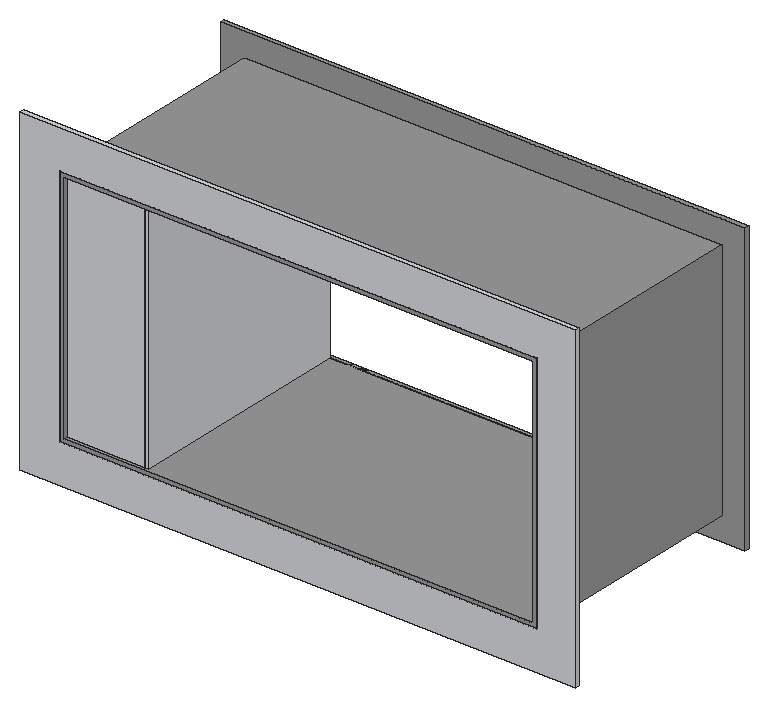
Revit family "Стеновой прямоугольный SVK1-НО-ЕI60-W-MS220-0-Kb 24.02.26", category Арматура воздуховодов, Revit 2022 (continued)
Types (149, lengths in mm): name | Ширина | Число створок | Скорость воздуха в живом сечении | Скорость в канале | З/2 | Высота | Hed | ADSK_Расход воздуха | ADSK_Наименование краткое | ADSK_Наименование
  SVK1-НО-ЕI60-W-1000x650-GI-H-MSR220-0-Kb | 1000 | 1 | 1950.0 m/s | 3.0 m/s | 325 | 650 | 1123 | 7020.0 m³/h | "SVK1-НО-ЕI60-W-1000x650" | "SVK1-НО-ЕI60-W-1000x650-GI-H-MSR220-0-Kb"
  SVK1-НО-ЕI60-W-1000x700-GI-H-MSR220-0-Kb | 1000 | 1 | 2100.0 m/s | 3.0 m/s | 350 | 700 | 1123 | 7560.0 m³/h | "SVK1-НО-ЕI60-W-1000x700" | "SVK1-НО-ЕI60-W-1000x700-GI-H-MSR220-0-Kb"
  SVK1-НО-ЕI60-W-1000x750-GI-H-MSR220-0-Kb | 1000 | 1 | 2250.0 m/s | 3.0 m/s | 375 | 750 | 1123 | 8100.0 m³/h | "SVK1-НО-ЕI60-W-1000x750" | "SVK1-НО-ЕI60-W-1000x750-GI-H-MSR220-0-Kb"
  SVK1-НО-ЕI60-W-800x1000-GI-H-MSR220-0-Kb | 800 | 2 | 2400.0 m/s | 3.0 m/s | 250 | 1000 | 923 | 8640.0 m³/h | "SVK1-НО-ЕI60-W-800x1000" | "SVK1-НО-ЕI60-W-800x1000-GI-H-MSR220-0-Kb"
  SVK1-НО-ЕI60-W-850x1000-GI-H-MSR220-0-Kb | 850 | 2 | 2550.0 m/s | 3.0 m/s | 250 | 1000 | 973 | 9180.0 m³/h | "SVK1-НО-ЕI60-W-850x1000" | "SVK1-НО-ЕI60-W-850x1000-GI-H-MSR220-0-Kb"
  SVK1-НО-ЕI60-W-900x1000-GI-H-MSR220-0-Kb | 900 | 2 | 2700.0 m/s | 3.0 m/s | 250 | 1000 | 1023 | 9720.0 m³/h | "SVK1-НО-ЕI60-W-900x1000" | "SVK1-НО-ЕI60-W-900x1000-GI-H-MSR220-0-Kb"
  SVK1-НО-ЕI60-W-950x1000-GI-H-MSR220-0-Kb | 950 | 2 | 2850.0 m/s | 3.0 m/s | 250 | 1000 | 1073 | 10260.0 m³/h | "SVK1-НО-ЕI60-W-950x1000" | "SVK1-НО-ЕI60-W-950x1000-GI-H-MSR220-0-Kb"
  SVK1-НО-ЕI60-W-1000x1000-GI-H-MSR220-0-Kb | 1000 | 2 | 3000.0 m/s | 3.0 m/s | 250 | 1000 | 1123 | 10800.0 m³/h | "SVK1-НО-ЕI60-W-1000x1000" | "SVK1-НО-ЕI60-W-1000x1000-GI-H-MSR220-0-Kb"
  SVK1-НО-ЕI60-W-1000x300-GI-H-MSR220-0-Kb | 1000 | 1 | 1050.0 m/s | 3.5 m/s | 150 | 300 | 1123 | 3780.0 m³/h | "SVK1-НО-ЕI60-W-1000x300" | "SVK1-НО-ЕI60-W-1000x300-GI-H-MSR220-0-Kb"
  SVK1-НО-ЕI60-W-150x200-GI-H-MSR220-0-Kb | 150 | 1 | 67.5 m/s | 2.25 m/s | 100 | 200 | 273 | 243.0 m³/h | "SVK1-НО-ЕI60-W-150x200" | "SVK1-НО-ЕI60-W-150x200-GI-H-MSR220-0-Kb"
  SVK1-НО-ЕI60-W-1000x800-GI-H-MSR220-0-Kb | 1000 | 1 | 2250.0 m/s | 2.8125 m/s | 400 | 800 | 1123 | 8100.0 m³/h | "SVK1-НО-ЕI60-W-1000x800" | "SVK1-НО-ЕI60-W-1000x800-GI-H-MSR220-0-Kb"
  SVK1-НО-ЕI60-W-1300x500-GI-H-MSR220-0-Kb | 1300 | 1 | 2250.0 m/s | 3.46154 m/s | 250 | 500 | 1423 | 8100.0 m³/h | "SVK1-НО-ЕI60-W-1300x500" | "SVK1-НО-ЕI60-W-1300x500-GI-H-MSR220-0-Kb"
  SVK1-НО-ЕI60-W-1300x600-GI-H-MSR220-0-Kb | 1300 | 1 | 2250.0 m/s | 2.88462 m/s | 300 | 600 | 1423 | 8100.0 m³/h | "SVK1-НО-ЕI60-W-1300x600" | "SVK1-НО-ЕI60-W-1300x600-GI-H-MSR220-0-Kb"
  SVK1-НО-ЕI60-W-1300x800-GI-H-MSR220-0-Kb | 1300 | 1 | 2250.0 m/s | 2.16346 m/s | 400 | 800 | 1423 | 8100.0 m³/h | "SVK1-НО-ЕI60-W-1300x800" | "SVK1-НО-ЕI60-W-1300x800-GI-H-MSR220-0-Kb"
  SVK1-НО-ЕI60-W-1600x500-GI-H-MSR220-0-Kb | 1600 | 1 | 2250.0 m/s | 2.8125 m/s | 250 | 500 | 1723 | 8100.0 m³/h | "SVK1-НО-ЕI60-W-1600x500" | "SVK1-НО-ЕI60-W-1600x500-GI-H-MSR220-0-Kb"
  SVK1-НО-ЕI60-W-900x850-GI-H-MSR220-0-Kb | 900 | 1 | 2025.0 m/s | 2.64706 m/s | 425 | 850 | 1023 | 7290.0 m³/h | "SVK1-НО-ЕI60-W-900x850" | "SVK1-НО-ЕI60-W-900x850-GI-H-MSR220-0-Kb"
  SVK1-НО-ЕI60-W-1100x600-GI-H-MSR220-0-Kb | 1100 | 1 | 1800.0 m/s | 2.72727 m/s | 300 | 600 | 1223 | 6480.0 m³/h | "SVK1-НО-ЕI60-W-1100x600" | "SVK1-НО-ЕI60-W-1100x600-GI-H-MSR220-0-Kb"
  SVK1-НО-ЕI60-W-1300x2000-GI-H-MSR220-0-Kb | 1300 | 1 | 2250.0 m/s | 0.865385 m/s | 1000 | 2000 | 1423 | 8100.0 m³/h | "SVK1-НО-ЕI60-W-1300x2000" | "SVK1-НО-ЕI60-W-1300x2000-GI-H-MSR220-0-Kb"
